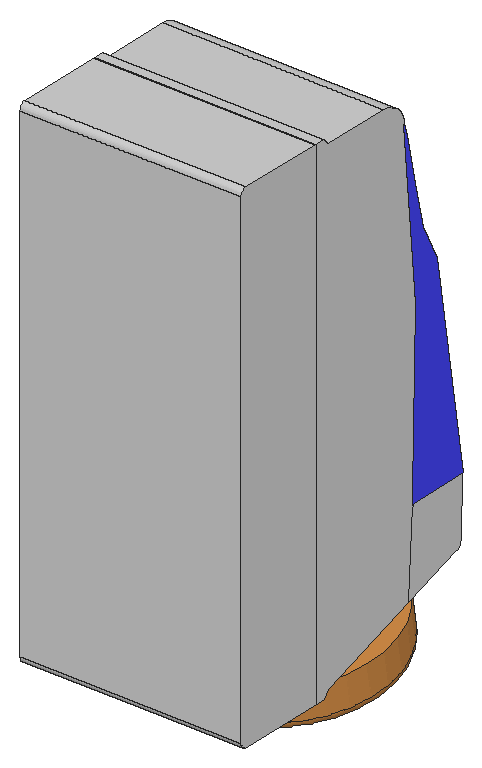
Revit family "Building-IEC309Connections-GEWISS-66IB-INTERLOCKED-SOCKET-OUTLETS-HD_IP66_WITH_BOTTOM_FUS", category Apparecchi elettrici, host Muro, Revit 2016
Family settings
  Host = Muro
  Mantenere orientamento annotazione = Sì
  Tipo di parte = Normale
  Quota connettore circolare = Usa diametro
  Numero OmniClass = 23.80.50.14
  Titolo OmniClass = Plug Connectors
  Sempre verticale = Sì
  Taglio con vuoti quando caricato = No
  Condiviso = No
  Punto di calcolo locali = No
Parameters (values of type "GW66973 - I.SOCKET IP66 W.B.3P+E 32A 380V 3H CBF")
  Working temperature = "-25 ÷ +40 °C"
  With back-mounting box = "Yes"
  Vista di pianta [instance] = yes
  Vetro = Vetro
  Version file RFA = "18.0"
  URL = "https://www.gewiss.com/ww/en"
  Typology = "Vertical"
  Type of use = "Heavy duty"
  Type of fuse = "Ø 10.3x38 mm"
  Tipo Simbolo = PRESAINDSTAGNA : 3P
  Thermo-pressure with ball = "80 °C"
  Technical sheet = "https://www.gewiss.com/ww/en/search?q=GW66973"
  Struttura alta = GEWISS - blue
  Struttura = GEWISS - Grigio RAL - 7035
  Simbolo [instance] = yes
  Shock resistance = "> IK10"
  SEO = "Socket outlet"
  Reference h = "3"
  Realized by GEWISS S.p.A. = ""
  Rated voltage = "380-440V"
  Rated frequency (Hz) = "50/60 Hz"
  Rated current (In) = "32"
  Rated current (A) = "32"
  Protection = "Fuse-holder base (CBF)"
  Produttore = "GEWISS S.p.A."
  Presa = GEWISS - rosso
  Potenza = 400 V
  Operating temperature: = "-25 +40 °C"
  Numero poli = 3
  Number of poles = "3P+E"
  No. of poles = "3P+E"
  Modello = "GW66973"
  Impact resistance at -20 Â°C = "20J"
  Immagine tipo = GW66854.jpg
  IP degree = "IP66"
  IFC.TypeObject = ""
  IFC.ExportType = ""
  IFC.ExportAs = ""
  IDT = "59f79668-9a62-484f-b845-13f84bd98f98"
  IDF = "521e3e45-4fc9-41b1-a2a9-ba7bf81b8660"
  Glow wire test: = "850 °C"
  Glow Wire Test = "850 °C"
  Frequency = "50/60 Hz"
  Electrocod = "2222"
  EAN code = "8011564074446"
  Distanza orizzontale del simbolo [instance] = 0 mm
  Distanza dal muro [instance] = 0 mm
  Descrizione = "I.SOCKET IP66 W.B.3P+E 32A 380V 3H CBF"
  Cornice simbolo [instance] = yes
  Colour: = "Red"
  Colour = "Red"
  Classificazione carico = Altro
  Catalogue Range = "66 IB"
  Catalogue = "BUILDING"
  Carico apparente = 0 VA
  COBie.Tagnumber = ""
  COBie.CreatedOn = ""
  COBie.CreatebBy = ""
  COBie.ComponentRegisterItemID = ""
  COBie.Component.TagNumber = ""
  COBie.Component.Space = ""
  COBie.Component.SerialNumber = ""
  COBie.Component.InstallationDate = ""
  COBie.Component.Description = ""
  COBie.Component.BarCode = ""
  Altezza da terra = 1127.575 mm
Types (34, lengths in mm): name | Type of fuse | Tipo Simbolo | Technical sheet | Reference h | Rated voltage | Rated current (In) | Rated current (A) | Presa | Potenza | Numero poli | Number of poles | No. of poles | Modello | Immagine tipo | IDT | EAN code | Descrizione | Colour: | Colour
  GW66951 - I.SOCKET IP66 W.B.2P+E 16A 110V 4H CBF | "Ø 10.3x38 mm" | PRESAINDSTAGNA : 2P | "https://www.gewiss.com/ww/en/search?q=GW66951" | "4" | "100-130V" | "16" | "16" | GEWISS - GIALLO | 110 V | 2 | "2P+E" | "2P+E" | "GW66951" | GW66847.jpg | "77a16d08-d05d-436b-a638-9a520e0a916f" | "8011564074125" | "I.SOCKET IP66 W.B.2P+E 16A 110V 4H CBF" | "Yellow" | "Yellow"
  GW66952 - I.SOCKET IP66 W.B.3P+E 16A 110V 4H CBF | "Ø 10.3x38 mm" | PRESAINDSTAGNA : 3P | "https://www.gewiss.com/ww/en/search?q=GW66952" | "4" | "100-130V" | "16" | "16" | GEWISS - GIALLO | 110 V | 3 | "3P+E" | "3P+E" | "GW66952" | GW66847.jpg | "0ba77439-ff9c-4f3f-9c02-b0f44112d6f4" | "8011564074132" | "I.SOCKET IP66 W.B.3P+E 16A 110V 4H CBF" | "Yellow" | "Yellow"
  GW66953 - I.SOCKET IP66 W.B.3P+N+E 16A 110V 4H CBF | "Ø 10.3x38 mm" | PRESAINDSTAGNA : 3P | "https://www.gewiss.com/ww/en/search?q=GW66953" | "4" | "100-130V" | "16" | "16" | GEWISS - GIALLO | 110 V | 3 | "3P+N+E" | "3P+N+E" | "GW66953" | GW66847.jpg | "4fdf56c5-f387-4149-95c8-33f3b1c23906" | "8011564074149" | "I.SOCKET IP66 W.B.3P+N+E 16A 110V 4H CBF" | "Yellow" | "Yellow"
  GW66954 - I.SOCKET IP66 W.B.2P+E 16A 230V 6H CBF | "Ø 10.3x38 mm" | PRESAINDSTAGNA : 2P | "https://www.gewiss.com/ww/en/search?q=GW66954" | "6" | "200-250V" | "16" | "16" | GEWISS -BLU | 230 V | 2 | "2P+E" | "2P+E" | "GW66954" | GW66850.jpg | "3e202847-07fc-45d7-bda5-fb93b8c9a3e8" | "8011564074156" | "I.SOCKET IP66 W.B.2P+E 16A 230V 6H CBF" | "Blue" | "Blue"
  GW66955 - I.SOCKET IP66 W.B.3P+E 16A 230V 9H CBF | "Ø 10.3x38 mm" | PRESAINDSTAGNA : 3P | "https://www.gewiss.com/ww/en/search?q=GW66955" | "9" | "200-250V" | "16" | "16" | GEWISS -BLU | 230 V | 3 | "3P+E" | "3P+E" | "GW66955" | GW66850.jpg | "fd46b90d-e5e3-4956-a696-3ebcf95b063b" | "8011564074163" | "I.SOCKET IP66 W.B.3P+E 16A 230V 9H CBF" | "Blue" | "Blue"
  GW66956 - I.SOCKET IP66 W.B.3P+N+E 16A 230V 9H CBF | "Ø 10.3x38 mm" | PRESAINDSTAGNA : 3P | "https://www.gewiss.com/ww/en/search?q=GW66956" | "9" | "200-250V" | "16" | "16" | GEWISS -BLU | 230 V | 3 | "3P+N+E" | "3P+N+E" | "GW66956" | GW66850.jpg | "ea60be22-a0f3-4bb7-af8e-793f577707a2" | "8011564074170" | "I.SOCKET IP66 W.B.3P+N+E 16A 230V 9H CBF" | "Blue" | "Blue"
  GW66957 - I.SOCKET IP66 W.B.2P+E 16A 400V 9H CBF | "Ø 10.3x38 mm" | PRESAINDSTAGNA : 2P | "https://www.gewiss.com/ww/en/search?q=GW66957" | "9" | "380-415V" | "16" | "16" | GEWISS - rosso | 400 V | 2 | "2P+E" | "2P+E" | "GW66957" | GW66854.jpg | "22719024-076b-47a7-8da9-556821273217" | "8011564074187" | "I.SOCKET IP66 W.B.2P+E 16A 400V 9H CBF" | "Red" | "Red"
  GW66958 - I.SOCKET IP66 W.B.3P+E 16A 400V 6H CBF | "Ø 10.3x38 mm" | PRESAINDSTAGNA : 3P | "https://www.gewiss.com/ww/en/search?q=GW66958" | "6" | "380-415V" | "16" | "16" | GEWISS - rosso | 400 V | 3 | "3P+E" | "3P+E" | "GW66958" | GW66854.jpg | "18091085-3874-47bf-858c-fe3d6af9821e" | "8011564074194" | "I.SOCKET IP66 W.B.3P+E 16A 400V 6H CBF" | "Red" | "Red"
  GW66959 - I.SOCKET IP66 W.B.3P+N+E 16A 400V 6H CBF | "Ø 10.3x38 mm" | PRESAINDSTAGNA : 3P | "https://www.gewiss.com/ww/en/search?q=GW66959" | "6" | "380-415V" | "16" | "16" | GEWISS - rosso | 400 V | 3 | "3P+N+E" | "3P+N+E" | "GW66959" | GW66854.jpg | "e1550aca-8da8-48d1-8781-ae7db2d35301" | "8011564074200" | "I.SOCKET IP66 W.B.3P+N+E 16A 400V 6H CBF" | "Red" | "Red"
  GW66960 - I.SOCKET IP66 W.B.3P+E 16A 500V 7H CBF | "Ø 10.3x38 mm" | PRESAINDSTAGNA : 3P | "https://www.gewiss.com/ww/en/search?q=GW66960" | "7" | "480-500V" | "16" | "16" | GEWISS - NERO | 500 V | 3 | "3P+E" | "3P+E" | "GW66960" | GW66856.jpg | "d7495dcc-acf0-492c-ba92-12a28033f899" | "8011564074217" | "I.SOCKET IP66 W.B.3P+E 16A 500V 7H CBF" | "Black" | "Black"
  GW66961 - I.SOCKET IP66 W.B.3P+N+E 16A 500V 7H CBF | "Ø 10.3x38 mm" | PRESAINDSTAGNA : 3P | "https://www.gewiss.com/ww/en/search?q=GW66961" | "7" | "480-500V" | "16" | "16" | GEWISS - NERO | 500 V | 3 | "3P+N+E" | "3P+N+E" | "GW66961" | GW66856.jpg | "59197029-f5e3-4807-b249-af1dcef282a9" | "8011564074224" | "I.SOCKET IP66 W.B.3P+N+E 16A 500V 7H CBF" | "Black" | "Black"
  GW66962 - I.SOCKET IP66 W.B.2P+E 32A 110V 4H CBF | "Ø 10.3x38 mm" | PRESAINDSTAGNA : 2P | "https://www.gewiss.com/ww/en/search?q=GW66962" | "4" | "100-130V" | "32" | "32" | GEWISS - GIALLO | 110 V | 2 | "2P+E" | "2P+E" | "GW66962" | GW66847.jpg | "0174e0f9-c837-4417-8108-0a5fd59bd433" | "8011564074231" | "I.SOCKET IP66 W.B.2P+E 32A 110V 4H CBF" | "Yellow" | "Yellow"
  GW66963 - I.SOCKET IP66 W.B.3P+E 32A 110V 4H CBF | "Ø 10.3x38 mm" | PRESAINDSTAGNA : 3P | "https://www.gewiss.com/ww/en/search?q=GW66963" | "4" | "100-130V" | "32" | "32" | GEWISS - GIALLO | 110 V | 3 | "3P+E" | "3P+E" | "GW66963" | GW66847.jpg | "dbafdcd0-0294-4897-926c-47405c64bfc0" | "8011564074248" | "I.SOCKET IP66 W.B.3P+E 32A 110V 4H CBF" | "Yellow" | "Yellow"
  GW66964 - I.SOCKET IP66 W.B.3P+N+E 32A 110V 4H CBF | "Ø 10.3x38 mm" | PRESAINDSTAGNA : 3P | "https://www.gewiss.com/ww/en/search?q=GW66964" | "4" | "100-130V" | "32" | "32" | GEWISS - GIALLO | 110 V | 3 | "3P+N+E" | "3P+N+E" | "GW66964" | GW66847.jpg | "a774811b-0e65-418e-a89e-a328dc662e21" | "8011564074262" | "I.SOCKET IP66 W.B.3P+N+E 32A 110V 4H CBF" | "Yellow" | "Yellow"
  GW66965 - I.SOCKET IP66 W.B.2P+E 32A 230V 6H CBF | "Ø 10.3x38 mm" | PRESAINDSTAGNA : 2P | "https://www.gewiss.com/ww/en/search?q=GW66965" | "6" | "200-250V" | "32" | "32" | GEWISS -BLU | 230 V | 2 | "2P+E" | "2P+E" | "GW66965" | GW66850.jpg | "915ca8b9-37c9-4227-86d2-249dba3c8e49" | "8011564074279" | "I.SOCKET IP66 W.B.2P+E 32A 230V 6H CBF" | "Blue" | "Blue"
  GW66966 - I.SOCKET IP66 W.B.3P+E 32A 230V 9H CBF | "Ø 10.3x38 mm" | PRESAINDSTAGNA : 3P | "https://www.gewiss.com/ww/en/search?q=GW66966" | "9" | "200-250V" | "32" | "32" | GEWISS -BLU | 230 V | 3 | "3P+E" | "3P+E" | "GW66966" | GW66850.jpg | "56c86cc2-3662-45e7-8e3e-32ba20f85f30" | "8011564074293" | "I.SOCKET IP66 W.B.3P+E 32A 230V 9H CBF" | "Blue" | "Blue"
  GW66967 - I.SOCKET IP66 W.B.3P+N+E 32A 230V 9H CBF | "Ø 10.3x38 mm" | PRESAINDSTAGNA : 3P | "https://www.gewiss.com/ww/en/search?q=GW66967" | "9" | "200-250V" | "32" | "32" | GEWISS -BLU | 230 V | 3 | "3P+N+E" | "3P+N+E" | "GW66967" | GW66850.jpg | "6eb632ad-a5c7-4f64-b716-eabf1988ad11" | "8011564074316" | "I.SOCKET IP66 W.B.3P+N+E 32A 230V 9H CBF" | "Blue" | "Blue"
  GW66968 - I.SOCKET IP66 W.B.2P+E 32A 400V 9H CBF | "Ø 10.3x38 mm" | PRESAINDSTAGNA : 2P | "https://www.gewiss.com/ww/en/search?q=GW66968" | "9" | "380-415V" | "32" | "32" | GEWISS - rosso | 400 V | 2 | "2P+E" | "2P+E" | "GW66968" | GW66854.jpg | "8b2cf3b7-3e00-4d91-b67b-ba699850a180" | "8011564074330" | "I.SOCKET IP66 W.B.2P+E 32A 400V 9H CBF" | "Red" | "Red"
  GW66969 - I.SOCKET IP66 W.B.3P+E 32A 400V 6H CBF | "Ø 10.3x38 mm" | PRESAINDSTAGNA : 3P | "https://www.gewiss.com/ww/en/search?q=GW66969" | "6" | "380-415V" | "32" | "32" | GEWISS - rosso | 400 V | 3 | "3P+E" | "3P+E" | "GW66969" | GW66854.jpg | "e5de6570-401b-41f6-895c-401fe7aee057" | "8011564074354" | "I.SOCKET IP66 W.B.3P+E 32A 400V 6H CBF" | "Red" | "Red"
  GW66970 - I.SOCKET IP66 W.B.3P+N+E 32A 400V 6H CBF | "Ø 10.3x38 mm" | PRESAINDSTAGNA : 3P | "https://www.gewiss.com/ww/en/search?q=GW66970" | "6" | "380-415V" | "32" | "32" | GEWISS - rosso | 400 V | 3 | "3P+N+E" | "3P+N+E" | "GW66970" | GW66854.jpg | "eea5df71-cefb-4ce5-984b-0a58a1a287ee" | "8011564074385" | "I.SOCKET IP66 W.B.3P+N+E 32A 400V 6H CBF" | "Red" | "Red"
  GW66971 - I.SOCKET IP66 W.B.3P+E 32A 500V 7H CBF | "Ø 10.3x38 mm" | PRESAINDSTAGNA : 3P | "https://www.gewiss.com/ww/en/search?q=GW66971" | "7" | "480-500V" | "32" | "32" | GEWISS - NERO | 500 V | 3 | "3P+E" | "3P+E" | "GW66971" | GW66856.jpg | "a9a200c6-cfaa-490e-999c-3634bcc81537" | "8011564074408" | "I.SOCKET IP66 W.B.3P+E 32A 500V 7H CBF" | "Black" | "Black"
  GW66972 - I.SOCKET IP66 W.B.3P+N+E 32A 500V 7H CBF | "Ø 10.3x38 mm" | PRESAINDSTAGNA : 3P | "https://www.gewiss.com/ww/en/search?q=GW66972" | "7" | "480-500V" | "32" | "32" | GEWISS - NERO | 500 V | 3 | "3P+N+E" | "3P+N+E" | "GW66972" | GW66856.jpg | "3cdd2804-0457-4869-a626-f720ae38ba8c" | "8011564074422" | "I.SOCKET IP66 W.B.3P+N+E 32A 500V 7H CBF" | "Black" | "Black"
  GW66973 - I.SOCKET IP66 W.B.3P+E 32A 380V 3H CBF | "Ø 10.3x38 mm" | PRESAINDSTAGNA : 3P | "https://www.gewiss.com/ww/en/search?q=GW66973" | "3" | "380-440V" | "32" | "32" | GEWISS - rosso | 400 V | 3 | "3P+E" | "3P+E" | "GW66973" | GW66854.jpg | "59f79668-9a62-484f-b845-13f84bd98f98" | "8011564074446" | "I.SOCKET IP66 W.B.3P+E 32A 380V 3H CBF" | "Red" | "Red"
  GW66847 - I.SOCKET IP66 W.B.2P+E 63A 110V 4H CBF | "Ø 22x58 mm" | PRESAINDSTAGNA : 2P | "https://www.gewiss.com/ww/en/search?q=GW66847" | "4" | "100-130V" | "63" | "63" | GEWISS - GIALLO | 110 V | 2 | "2P+E" | "2P+E" | "GW66847" | GW66847.jpg | "e68c307b-a0d0-4fee-9524-99ff79b81537" | "8011564067097" | "I.SOCKET IP66 W.B.2P+E 63A 110V 4H CBF" | "Yellow" | "Yellow"
  GW66848 - I.SOCKET IP66 W.B.3P+E 63A 110V 4H CBF | "Ø 22x58 mm" | PRESAINDSTAGNA : 3P | "https://www.gewiss.com/ww/en/search?q=GW66848" | "4" | "100-130V" | "63" | "63" | GEWISS - GIALLO | 110 V | 3 | "3P+E" | "3P+E" | "GW66848" | GW66847.jpg | "52559620-c344-4adb-bc40-4ea8332d2950" | "8011564067110" | "I.SOCKET IP66 W.B.3P+E 63A 110V 4H CBF" | "Yellow" | "Yellow"
  GW66849 - I.SOCKET IP66 W.B.3P+N+E 63A 110V 4H CBF | "Ø 22x58 mm" | PRESAINDSTAGNA : 3P | "https://www.gewiss.com/ww/en/search?q=GW66849" | "4" | "100-130V" | "63" | "63" | GEWISS - GIALLO | 110 V | 3 | "3P+N+E" | "3P+N+E" | "GW66849" | GW66847.jpg | "eb040864-0d8b-41da-91e0-50107eb10800" | "8011564067226" | "I.SOCKET IP66 W.B.3P+N+E 63A 110V 4H CBF" | "Yellow" | "Yellow"
  GW66850 - I.SOCKET IP66 W.B.2P+E 63A 230V 6H CBF | "Ø 22x58 mm" | PRESAINDSTAGNA : 2P | "https://www.gewiss.com/ww/en/search?q=GW66850" | "6" | "200-250V" | "63" | "63" | GEWISS -BLU | 230 V | 2 | "2P+E" | "2P+E" | "GW66850" | GW66850.jpg | "eefe36f2-bc81-4d8a-8236-9f3d222724ef" | "8011564067233" | "I.SOCKET IP66 W.B.2P+E 63A 230V 6H CBF" | "Blue" | "Blue"
  GW66851 - I.SOCKET IP66 W.B.3P+E 63A 230V 9H CBF | "Ø 22x58 mm" | PRESAINDSTAGNA : 3P | "https://www.gewiss.com/ww/en/search?q=GW66851" | "9" | "200-250V" | "63" | "63" | GEWISS -BLU | 230 V | 3 | "3P+E" | "3P+E" | "GW66851" | GW66850.jpg | "fa7b3253-5295-40f6-8163-20254eb27370" | "8011564067240" | "I.SOCKET IP66 W.B.3P+E 63A 230V 9H CBF" | "Blue" | "Blue"
  GW66852 - I.SOCKET IP66 W.B.3P+N+E 63A 230V 9H CBF | "Ø 22x58 mm" | PRESAINDSTAGNA : 3P | "https://www.gewiss.com/ww/en/search?q=GW66852" | "9" | "200-250V" | "63" | "63" | GEWISS -BLU | 230 V | 3 | "3P+N+E" | "3P+N+E" | "GW66852" | GW66850.jpg | "d48338a4-e2f1-4cb6-929f-40b65af53ed8" | "8011564067257" | "I.SOCKET IP66 W.B.3P+N+E 63A 230V 9H CBF" | "Blue" | "Blue"
  GW66853 - I.SOCKET IP66 W.B.2P+E 63A 400V 9H CBF | "Ø 22x58 mm" | PRESAINDSTAGNA : 2P | "https://www.gewiss.com/ww/en/search?q=GW66853" | "9" | "380-415V" | "63" | "63" | GEWISS - rosso | 400 V | 2 | "2P+E" | "2P+E" | "GW66853" | GW66854.jpg | "59d537fa-1783-4b3f-a4ad-54901816a19a" | "8011564067264" | "I.SOCKET IP66 W.B.2P+E 63A 400V 9H CBF" | "Red" | "Red"
  GW66854 - I.SOCKET IP66 W.B.3P+E 63A 400V 6H CBF | "Ø 22x58 mm" | PRESAINDSTAGNA : 3P | "https://www.gewiss.com/ww/en/search?q=GW66854" | "6" | "380-415V" | "63" | "63" | GEWISS - rosso | 400 V | 3 | "3P+E" | "3P+E" | "GW66854" | GW66854.jpg | "a8afba74-b3c3-4dcd-a520-62ec0bdd5349" | "8011564067271" | "I.SOCKET IP66 W.B.3P+E 63A 400V 6H CBF" | "Red" | "Red"
  GW66855 - I.SOCKET IP66 W.B.3P+N+E 63A 400V 6H CBF | "Ø 22x58 mm" | PRESAINDSTAGNA : 3P | "https://www.gewiss.com/ww/en/search?q=GW66855" | "6" | "380-415V" | "63" | "63" | GEWISS - rosso | 400 V | 3 | "3P+N+E" | "3P+N+E" | "GW66855" | GW66854.jpg | "23338731-f61e-4df9-8361-4e10255c2abc" | "8011564067288" | "I.SOCKET IP66 W.B.3P+N+E 63A 400V 6H CBF" | "Red" | "Red"
  GW66856 - I.SOCKET IP66 W.B.3P+E 63A 500V 7H CBF | "Ø 22x58 mm" | PRESAINDSTAGNA : 3P | "https://www.gewiss.com/ww/en/search?q=GW66856" | "7" | "480-500V" | "63" | "63" | GEWISS - NERO | 500 V | 3 | "3P+E" | "3P+E" | "GW66856" | GW66856.jpg | "45f49ca2-6e14-4f7a-bc93-10a4721ab685" | "8011564067295" | "I.SOCKET IP66 W.B.3P+E 63A 500V 7H CBF" | "Black" | "Black"
  GW66857 - I.SOCKET IP66 W.B.3P+N+E 63A 500V 7H CBF | "Ø 22x58 mm" | PRESAINDSTAGNA : 3P | "https://www.gewiss.com/ww/en/search?q=GW66857" | "7" | "480-500V" | "63" | "63" | GEWISS - NERO | 500 V | 3 | "3P+N+E" | "3P+N+E" | "GW66857" | GW66856.jpg | "86f2eb9d-9b02-49d2-b492-8f5a2808bb30" | "8011564067387" | "I.SOCKET IP66 W.B.3P+N+E 63A 500V 7H CBF" | "Black" | "Black"
Reference planes
  plane 1 "Muro": y = 0
  plane 2 "Centro (Sinistra/Destra)": x = 125
  plane 3 "Indietro": y = 75
  plane 4: z = 1127.575
  plane 5: x = 125
Lines and regions (mm)
  Masking region 1, visible <- "Vista di pianta"
    outline origin (0, 0, 0) x (1, 0, 0) y (0, 1, 0)
      loop
        line (196.5, 254) -> (53.5, 254) -> (53.5, 75) -> (196.5, 75) -> (196.5, 254)
  Masking region 2
    outline origin (125, 0, -0.039) x (0, 1, 0) y (0, 0, 1)
      loop
        line (241.289, 1135.561) -> (236.789, 1162.892) -> (161.968, 1137.742) -> (164.412, 1122.902) -> (241.289, 1135.561)
  Masking region 3
    outline origin (125, 0, -0.039) x (0, 1, 0) y (0, 0, 1)
      loop
        line (262.535, 1139.06) -> (133.431, 1117.8) -> (136.68, 1098.066)
        arc (136.68, 1098.066) -> (139.176, 1094.099) -> (143.757, 1093.111) r 6.041
        line (143.757, 1093.111) -> (260.94, 1112.407)
        arc (260.94, 1112.407) -> (264.772, 1114.879) -> (265.784, 1119.325) r 6.041
        line (265.784, 1119.325) -> (262.535, 1139.06)
  Masking region 4
    outline origin (125, 0, -0.039) x (0, 1, 0) y (0, 0, 1)
      loop
        line (135, 1452.614) -> (78.972, 1452.614)
        arc (78.972, 1452.614) -> (76.163, 1451.451) -> (75, 1448.642) r 3.972
        line (75, 1448.642) -> (75, 1131.586)
        arc (75, 1131.586) -> (76.163, 1128.778) -> (78.972, 1127.614) r 3.972
        line (78.972, 1127.614) -> (141.601, 1127.614) -> (144.578, 1131.897) -> (248.816, 1166.935)
        arc (248.816, 1166.935) -> (251.676, 1169.114) -> (252.761, 1172.543) r 5.958
        arc (252.761, 1172.543) -> (253.2, 1191.236) -> (253.163, 1209.935) r 734.65
        line (253.163, 1209.935) -> (254, 1209.951)
        arc (254, 1209.951) -> (242.911, 1296.509) -> (223.277, 1381.537) r 877.164
        line (223.277, 1381.537) -> (206.64, 1434.09)
        arc (206.64, 1434.09) -> (201.442, 1444.475) -> (190.611, 1448.663) r 16.102
        line (190.611, 1448.663) -> (144.931, 1448.663) -> (142.183, 1452.614) -> (135, 1452.614)
Text (mm)
  text "Lato posizionamento" at (-1848.837, 1116.779, 0), in view "Livello rif."
  text "Lato posizionamento" at (0, 1409.804, 2854.306), in view "Sinistra"
  text "Lato posizionamento" at (0, 499.811, 2980.732), in view "Destra"
Dimensions and locks
  locked: plane 3 "Indietro" to host wall
  "Altezza da terra": plane 4 to level
  "Distanza orizzontale del simbolo": plane 5 to plane 2 "Centro (Sinistra/Destra)"
  aligned and locked: plane 1 "Muro" to host wall
  aligned and locked: plane 5 to nested 2
  aligned and locked: nested 1 to plane 3 "Indietro"
  aligned and locked: nested 3 to nested 1
  aligned and locked: Masking region 2 sketch curve to nested 1
  aligned and locked: Masking region 4 sketch curve to host wall
  aligned and locked: Masking region 4 sketch curve to Masking region 2
Automatic sketch dimensions
  Masking region 1 sketch curve to host wall = 0 mm
  Masking region 1 sketch curve to plane 2 "Centro (Sinistra/Destra)" = 71.5 mm
  plane 2 "Centro (Sinistra/Destra)" to Masking region 1 sketch curve = 71.5 mm
  host wall to Masking region 1 sketch curve = 179 mm
  plane 4 to Masking region 2 sketch curve = 10.128 mm
  Masking region 2 sketch curve to plane 4 = 4.712 mm
  Masking region 2 sketch curve to Masking region 2 sketch curve = 2.444 mm
  plane 4 to Masking region 2 sketch curve = 35.278 mm
  plane 4 to Masking region 2 sketch curve = 7.947 mm
  Masking region 2 sketch curve to Masking region 2 sketch curve = 4.5 mm
  Masking region 3 sketch curve to plane 4 = 9.814 mm
  host wall to Masking region 3 sketch curve = 58.431 mm
  Masking region 3 sketch curve to plane 4 = 29.548 mm
  Masking region 3 sketch curve to Masking region 3 sketch curve = 3.25 mm
  Masking region 3 sketch curve to Masking region 3 sketch curve = 5.961 mm
  Masking region 3 sketch curve to Masking region 3 sketch curve = 1.116 mm  (x2)
  Masking region 3 sketch curve to plane 4 = 9.27 mm
  Masking region 3 sketch curve to Masking region 3 sketch curve = 117.183 mm
  Masking region 3 sketch curve to plane 4 = 15.207 mm
  Masking region 3 sketch curve to plane 4 = 8.289 mm
  Masking region 3 sketch curve to Masking region 3 sketch curve = 4.955 mm
  Masking region 4 sketch curve to Masking region 4 sketch curve = 3.972 mm
  host wall to Masking region 4 sketch curve = 3.972 mm
  Masking region 4 sketch curve to Masking region 4 sketch curve = 56.028 mm
  Masking region 4 sketch curve to Masking region 4 sketch curve = 7.183 mm
  Masking region 4 sketch curve to Masking region 4 sketch curve = 2.747 mm
  Masking region 4 sketch curve to Masking region 4 sketch curve = 45.68 mm
  Masking region 4 sketch curve to Masking region 4 sketch curve = 16.029 mm
  Masking region 4 sketch curve to Masking region 4 sketch curve = 16.637 mm
  Masking region 4 sketch curve to Masking region 4 sketch curve = 52.554 mm
  plane 4 to Masking region 4 sketch curve = 14.294 mm
  plane 4 to Masking region 4 sketch curve = 44.928 mm
  Masking region 4 sketch curve to Masking region 4 sketch curve = 105.202 mm
  plane 4 to Masking region 4 sketch curve = 39.32 mm
  Masking region 4 sketch curve to Masking region 4 sketch curve = 2.013 mm
  Masking region 4 sketch curve to Masking region 4 sketch curve = 1.239 mm
  Masking region 4 sketch curve to Masking region 4 sketch curve = 37.408 mm
  Masking region 4 sketch curve to plane 4 = 0 mm
  plane 4 to Masking region 4 sketch curve = 4.282 mm
  Masking region 4 sketch curve to Masking region 4 sketch curve = 0.837 mm
  Masking region 4 sketch curve to Masking region 4 sketch curve = 0.016 mm
  plane 4 to Masking region 4 sketch curve = 71.527 mm
  Masking region 4 sketch curve to Masking region 4 sketch curve = 139.114 mm
  Masking region 4 sketch curve to Masking region 4 sketch curve = 1.529 mm
  Masking region 4 sketch curve to Masking region 4 sketch curve = 0.021 mm
Nested families
  nested 1: "IB PRESE INTERBLOC IMP_FONDO_BASE" at (125, 135, 1087.536), type "IB PRESE INTERBLOC IMP_FONDO_BASE"
  nested 2: "PRESAINDSTAGNA" at (125, 75.004, 0), Distanza dal muro <- "Distanza dal muro", BORDO ACCESO <- "Cornice simbolo", SIMBOLO ACCESO <- "Simbolo", type <- "Tipo Simbolo", type "3P"
    with SIMBOLO ACCESO yes, Distanza dal muro 0 mm, BORDO ACCESO yes
  nested 3: "2D - IB PRESE INTERBLOC + DIN" at (125, 0, 1285.421) x (1, 0, 0) z (0, -1, 0), type "BIDIMENSIONALE"
Connectors
  electrical at (125, 107.294, 1127.575), driven by "Numero poli", driven by "Classificazione carico", driven by "Potenza", driven by "Carico apparente"
    settings: on nested 1, index 1, voltage 400 V, apparent load 0 VA, apparent load phase1 0 VA, apparent load phase2 0 VA, apparent load phase3 0 VA, power factor 1, load classification "Altro", number of poles 3, system type 31, power factor state 1, is connector primary yes, connector utility no, sub classification motor no, connector description ""
Definition of nested family "IB PRESE INTERBLOC IMP_FONDO_BASE"
  Parameters (values of type "IB PRESE INTERBLOC IMP_FONDO_BASE")
    Vetrino = none
    Struttura alta = none
    Struttura = none
    Spessore = 160 mm
    Default Elevation = 14 mm
    Presa = none
    Pomello = none
    Lunghezza = 143 mm
    IFC.TypeObject = ""
    IFC.ExportType = ""
    IFC.ExportAs = ""
    H_da terra = 586.883 mm
    COBie.CreatedOn = ""
    COBie.CreatebBy = ""
    COBie.ComponentRegisterItemID = ""
    COBie.Component.TagNumber = ""
    COBie.Component.Space = ""
    COBie.Component.SerialNumber = ""
    COBie.Component.InstallationDate = ""
    COBie.Component.Description = ""
    COBie.Component.BarCode = ""
    Altezza = 424 mm
  Reference planes
    plane 1 "Centro (Fronte/Retro)": y = 0
    plane 2: z = 0
    plane 3 "Centro (Sinistra/Destra)": x = 0
    plane 4: x = -71.5
    plane 5: x = 71.5
    plane 6: x = 53.664
    plane 7: x = -53.5
    plane 8: z = 40.039
    plane 9: y = -60
    plane 10: y = 138.9
    plane 11: z = 361.087
    plane 12: through (4267.2, 77.379, 327.157) normal (0, 0.9626, 0.271)
  Forms (mm)
    Extrusion 1, solid, material <- "Struttura alta"
      sketch origin (0, 0, 0) x (0, 1, 0) y (0, 0, 1)
        loop
          line (78.973, 121.623) -> (119, 122.375)
          arc (119, 122.375) -> (111.124, 189.769) -> (98.062, 256.353) r 877.164
          arc (98.062, 256.353) -> (87.281, 279.295) -> (81.504, 303.977) r 121.298
          line (81.504, 303.977) -> (74.399, 337.778) -> (71.64, 346.515)
          arc (71.64, 346.515) -> (71.695, 345.751) -> (71.713, 344.985) r 16.102
          arc (71.713, 344.985) -> (81.541, 236.86) -> (79.248, 128.313) r 971.977
          arc (79.248, 128.313) -> (79.113, 124.968) -> (78.973, 121.623) r 2289.877
      from -71.5 to 71.5
    Extrusion 2, void
      sketch origin (0, 0, 0) x (0, 1, 0) y (0, 0, 1)
        loop
          line (125.283, 233.172) -> (91.011, 233.172)
          arc (91.011, 233.172) -> (86.745, 231.373) -> (85.055, 227.063) r 5.958
          arc (85.055, 227.063) -> (85.954, 188.702) -> (85.298, 150.336) r 946.965
          arc (85.298, 150.336) -> (88.127, 142.928) -> (95.424, 139.825) r 10.133
          line (95.424, 139.825) -> (139.534, 139.825)
          arc (139.534, 139.825) -> (133.702, 186.696) -> (125.283, 233.172) r 852.241
      from -53.5 to 53.664
    Extrusion 3, solid, material <- "Vetrino"
      sketch origin (0, 0, 0) x (0, 1, 0) y (0, 0, 1)
        loop
          line (102.745, 233.172) -> (91.011, 233.172)
          arc (91.011, 233.172) -> (86.745, 231.373) -> (85.055, 227.063) r 5.958
          arc (85.055, 227.063) -> (85.954, 188.702) -> (85.298, 150.336) r 946.965
          arc (85.298, 150.336) -> (88.127, 142.928) -> (95.424, 139.825) r 10.133
          line (95.424, 139.825) -> (117.422, 139.825)
          arc (117.422, 139.825) -> (111.378, 186.702) -> (102.745, 233.172) r 852.241
      from -53.5 to 53.664
    Extrusion 4, solid, material <- "Struttura"
      sketch origin (0, 0, 0) x (0, 1, 0) y (0, 0, 1)
        loop
          line (75.931, 66.624) -> (113.815, 79.359)
          arc (113.815, 79.359) -> (116.676, 81.538) -> (117.761, 84.967) r 5.958
          arc (117.761, 84.967) -> (118.2, 103.66) -> (118.163, 122.359) r 734.65
          line (118.163, 122.359) -> (78.973, 121.623)
          arc (78.973, 121.623) -> (77.619, 94.115) -> (75.931, 66.624) r 2264.9
      from -71.5 to 71.5
    Extrusion 5, solid, material <- "Struttura"
      sketch origin (0, 0, 0) x (0, 1, 0) y (0, 0, 1)
        loop
          line (107.036, 48.025) -> (102.35, 76.485) -> (27.659, 50.544) -> (30.159, 35.366) -> (107.036, 48.025)
      from -30.773 to 27.325
    Revolve 6, solid, material <- "Presa"
      sketch origin (0, 0, 0) x (0, 1, 0) y (0, 0, 1)
        loop
          line (8.526, 5.322) -> (67.975, 15.111) -> (63.73, 40.894) -> (-0.822, 30.264) -> (2.584, 9.577)
          arc (2.584, 9.577) -> (4.673, 6.218) -> (8.526, 5.322) r 5.164
        axis (63.73, 40.894) -> (67.975, 15.111)
      angle from 0 to 360
    Extrusion 7, void
      sketch origin (0, 0, 0) x (1, 0, 0) y (0, 0, 1)
        loop
          spline (43.694, 295.849) -> (42.205, 306.734) -> (37.84, 316.878) -> (30.897, 325.589) -> (21.847, 332.273) -> (11.309, 336.475) -> (0, 337.908) -> (-11.309, 336.475) -> (-21.847, 332.273) -> (-30.897, 325.589) -> (-37.84, 316.878) -> (-42.205, 306.734) -> (-43.694, 295.849)
          spline (-43.694, 295.849) -> (-42.205, 284.963) -> (-37.84, 274.819) -> (-30.897, 266.108) -> (-21.847, 259.424) -> (-11.309, 255.222) -> (0, 253.789) -> (11.309, 255.222) -> (21.847, 259.424) -> (30.897, 266.108) -> (37.84, 274.819) -> (42.205, 284.963) -> (43.694, 295.849)
      from -122.068 to -79.498
    Extrusion 8, solid, material <- "Pomello"
      sketch origin (0, 82.975, -13.824) x (1, 0, 0) y (0, -0.270999, 0.96258)
        loop
          line (-7.448, 327.416) -> (-7.448, 266.486)
          arc (-7.448, 266.486) -> (-7.072, 265.323) -> (-6.085, 264.6) r 1.986
          arc (-6.085, 264.6) -> (0.003, 263.614) -> (6.09, 264.602) r 19.259
          arc (6.09, 264.602) -> (7.073, 265.325) -> (7.448, 266.486) r 1.986
          line (7.448, 266.486) -> (7.448, 327.416)
          arc (7.448, 327.416) -> (7.073, 328.578) -> (6.09, 329.301) r 1.986
          arc (6.09, 329.301) -> (0, 330.289) -> (-6.09, 329.301) r 19.259
          arc (-6.09, 329.301) -> (-7.073, 328.578) -> (-7.448, 327.416) r 1.986
      from -92.372 to -88.3
    Extrusion 9, solid, material <- "Struttura"
      sketch origin (0, 0, 0) x (0, 1, 0) y (0, 0, 1)
        loop
          line (0, 365.039) -> (-56.028, 365.039)
          arc (-56.028, 365.039) -> (-58.837, 363.875) -> (-60, 361.066) r 3.972
          line (-60, 361.066) -> (-60, 44.011)
          arc (-60, 44.011) -> (-58.837, 41.202) -> (-56.028, 40.039) r 3.972
          line (-56.028, 40.039) -> (0, 40.039) -> (0, 365.039)
      from -71.5 to 71.5
    Extrusion 10, solid, material <- "Struttura"
      sketch origin (0, 0, 0) x (0, 1, 0) y (0, 0, 1)
        loop
          arc (75.931, 66.624) -> (77.679, 96.204) -> (79.051, 125.804) r 2335.614
          arc (79.051, 125.804) -> (81.584, 235.602) -> (71.713, 344.985) r 971.977
          arc (71.713, 344.985) -> (66.997, 356.371) -> (55.611, 361.087) r 16.102
          line (55.611, 361.087) -> (9.931, 361.087) -> (7.183, 365.039) -> (0, 365.039) -> (0, 40.039) -> (7.183, 40.039) -> (10.338, 44.576) -> (75.931, 66.624)
      from -71.5 to 71.5
    Blend 11, solid, material <- "Struttura alta"
      base sketch origin (0, 84.176, -13.214) x (1, 0, 0) y (0, -0.270999, 0.96258)
        loop
          circle (0, 296.951) r 43.694
      top sketch origin (0, 84.176, -13.214) x (1, 0, 0) y (0, -0.270999, 0.96258)
        loop
          circle (0, 296.951) r 34.757
      from -85.697 to -91.051
    Extrusion 12, solid, material <- "Struttura alta"
      sketch origin (0, 83.193, -13.491) x (1, 0, 0) y (0, -0.270999, 0.96258)
        loop
          circle (0, 296.951) r 43.694
      from -86.719 to -75.709
    Extrusion 13, void
      sketch origin (0, 85.341, -13.728) x (1, 0, 0) y (0, -0.275465, 0.961311)
        loop
          circle (0, 296.951) r 34
      from -96.493 to -85.34
    Extrusion 14, solid, material <- "Pomello"
      sketch origin (0, 83.193, -13.491) x (1, 0, 0) y (0, -0.270999, 0.96258)
        loop
          circle (0, 296.951) r 40
      from -88 to -75.709
  Cuts and joins
    Extrusion 2, Extrusion 7 cuts Extrusion 1
    Extrusion 13 cuts Blend 11
    joined: Blend 11, Extrusion 12
    Extrusion 13 cuts Extrusion 9
    Extrusion 13 cuts Extrusion 10
  Dimensions and locks
    equal spacing: plane 5, plane 3 "Centro (Sinistra/Destra)", plane 4
    "Lunghezza": plane 5 to plane 4
    locked: plane 5 to plane 6 at 17.836
    locked: plane 7 to plane 4 at 18
    plane 9 to plane 1 "Centro (Fronte/Retro)" = 60 mm
    plane 1 "Centro (Fronte/Retro)" to plane 10 = 138.9 mm
    aligned and locked: level to plane 2
    aligned and locked: Extrusion 1 to plane 4
    aligned and locked: plane 5 to Extrusion 1
    aligned and locked: Extrusion 3 to plane 7
    aligned and locked: plane 6 to Extrusion 3
    aligned and locked: Extrusion 4 to plane 4
    aligned and locked: plane 5 to Extrusion 4
    aligned and locked: Extrusion 9 sketch curve to plane 9
    aligned and locked: Extrusion 9 sketch curve to plane 1 "Centro (Fronte/Retro)"
    aligned and locked: Extrusion 9 to plane 4
    aligned and locked: plane 5 to Extrusion 9
    aligned and locked: Extrusion 10 to plane 4
    aligned and locked: plane 5 to Extrusion 10
    aligned and locked: plane 12 to Blend 11
    aligned and locked: Extrusion 12 to Blend 11
    aligned and locked: cut or joined group of Blend 11, Extrusion 12, Extrusion 13 to Extrusion 8
    aligned and locked: Extrusion 8 to Extrusion 14
    aligned and locked: cut or joined group of Extrusion 10, Extrusion 13 to Extrusion 9
    aligned and locked: plane 8 to Extrusion 9
  Automatic sketch dimensions
    level to Extrusion 5 sketch curve = 35.366 mm
    Extrusion 5 sketch curve to plane 1 "Centro (Fronte/Retro)" = 27.659 mm
    Extrusion 5 sketch curve to Extrusion 5 sketch curve = 2.499 mm
    Extrusion 5 sketch curve to Extrusion 5 sketch curve = 74.69 mm
    Extrusion 5 sketch curve to Extrusion 5 sketch curve = 4.686 mm
    level to Extrusion 5 sketch curve = 48.025 mm
    Extrusion 5 sketch curve to Extrusion 5 sketch curve = 15.179 mm
    Extrusion 5 sketch curve to Extrusion 5 sketch curve = 28.46 mm
    plane 1 "Centro (Fronte/Retro)" to Revolve 6 sketch curve = 0.822 mm
    Revolve 6 sketch curve to plane 1 "Centro (Fronte/Retro)" = 2.584 mm
    Revolve 6 sketch curve to Revolve 6 sketch curve = 5.095 mm
    level to Revolve 6 sketch curve = 5.322 mm
    Revolve 6 sketch curve to Revolve 6 sketch curve = 0.846 mm
    Revolve 6 sketch curve to plane 1 "Centro (Fronte/Retro)" = 63.73 mm
    level to Revolve 6 sketch curve = 15.111 mm
    Revolve 6 sketch curve to Revolve 6 sketch curve = 4.246 mm
    Revolve 6 sketch curve to Revolve 6 sketch curve = 4.255 mm
    Revolve 6 sketch curve to Revolve 6 sketch curve = 20.687 mm
    Revolve 6 sketch curve to Revolve 6 sketch curve = 0 mm  (x2)
    level to Revolve 6 sketch curve = 12.564 mm
    Revolve 6 sketch curve to Revolve 6 sketch curve = 0.42 mm
    Extrusion 9 sketch curve to Extrusion 9 sketch curve = 3.972 mm
    plane 9 to Extrusion 9 sketch curve = 3.972 mm
    Extrusion 9 sketch curve to plane 8 = 0 mm
    Extrusion 9 sketch curve to Extrusion 9 sketch curve = 317.056 mm
    Extrusion 10 sketch curve to plane 1 "Centro (Fronte/Retro)" = 0 mm
    plane 8 to Extrusion 10 sketch curve = 0 mm
    Extrusion 10 sketch curve to plane 1 "Centro (Fronte/Retro)" = 7.183 mm  (x2)
    Extrusion 10 sketch curve to Extrusion 10 sketch curve = 2.747 mm
    Extrusion 10 sketch curve to plane 8 = 4.538 mm
    Extrusion 10 sketch curve to Extrusion 10 sketch curve = 3.155 mm
    Extrusion 10 sketch curve to plane 8 = 26.586 mm
    Extrusion 10 sketch curve to Extrusion 10 sketch curve = 3.951 mm
    Extrusion 10 sketch curve to Extrusion 10 sketch curve = 45.68 mm
    Extrusion 10 sketch curve to Extrusion 10 sketch curve = 0 mm
    Extrusion 10 sketch curve to Extrusion 10 sketch curve = 16.102 mm
    Extrusion 10 sketch curve to plane 8 = 163.038 mm
    Extrusion 10 sketch curve to plane 8 = 179.157 mm
    Extrusion 10 sketch curve to plane 9 = 829.849 mm
    Extrusion 10 sketch curve to Extrusion 10 sketch curve = 65.593 mm
    Extrusion 10 sketch curve to Extrusion 10 sketch curve = 278.361 mm
    Extrusion 10 sketch curve to Extrusion 10 sketch curve = 3.121 mm
    Extrusion 4 sketch curve to plane 8 = 26.586 mm
    Extrusion 4 sketch curve to Extrusion 4 sketch curve = 3.042 mm
    Extrusion 4 sketch curve to Extrusion 4 sketch curve = 2.012 mm
    Extrusion 4 sketch curve to Extrusion 4 sketch curve = 5.608 mm
    Extrusion 4 sketch curve to plane 8 = 71.527 mm
    Extrusion 4 sketch curve to Extrusion 4 sketch curve = 0.402 mm
    Extrusion 4 sketch curve to Extrusion 4 sketch curve = 12.734 mm
    Extrusion 4 sketch curve to plane 8 = 179.157 mm
    Extrusion 3 sketch curve to plane 8 = 145.66 mm
    plane 10 to Extrusion 3 sketch curve = 43.476 mm
    Extrusion 3 sketch curve to Extrusion 3 sketch curve = 10.133 mm
    Extrusion 3 sketch curve to Extrusion 3 sketch curve = 5.958 mm
    Extrusion 3 sketch curve to Extrusion 3 sketch curve = 10.126 mm
    Extrusion 3 sketch curve to Extrusion 3 sketch curve = 11.734 mm
    plane 10 to Extrusion 3 sketch curve = 21.479 mm
    Extrusion 3 sketch curve to plane 8 = 14.294 mm
    Extrusion 3 sketch curve to Extrusion 3 sketch curve = 130.486 mm
    Extrusion 3 sketch curve to Extrusion 3 sketch curve = 5.713 mm
    level to Extrusion 3 sketch curve = 139.825 mm
    Extrusion 3 sketch curve to Extrusion 3 sketch curve = 76.877 mm
    Extrusion 2 sketch curve to plane 8 = 145.66 mm
    plane 10 to Extrusion 2 sketch curve = 47.889 mm
    plane 10 to Extrusion 2 sketch curve = 43.476 mm
    Extrusion 2 sketch curve to plane 8 = 109.919 mm
    Extrusion 2 sketch curve to Extrusion 2 sketch curve = 10.133 mm
    Extrusion 2 sketch curve to Extrusion 2 sketch curve = 77.255 mm
    Extrusion 2 sketch curve to Extrusion 2 sketch curve = 5.958 mm
    Extrusion 2 sketch curve to Extrusion 2 sketch curve = 10.126 mm
    Extrusion 2 sketch curve to Extrusion 2 sketch curve = 34.272 mm
    Extrusion 2 sketch curve to plane 10 = 0.634 mm
    Extrusion 2 sketch curve to plane 8 = 18.04 mm
    Extrusion 2 sketch curve to Extrusion 2 sketch curve = 152.229 mm
    Extrusion 1 sketch curve to plane 8 = 14.294 mm
    Extrusion 1 sketch curve to plane 9 = 695.521 mm
    plane 10 to Extrusion 1 sketch curve = 19.9 mm
    Extrusion 1 sketch curve to plane 1 "Centro (Fronte/Retro)" = 78.973 mm
    plane 10 to Extrusion 1 sketch curve = 40.838 mm
    Extrusion 1 sketch curve to Extrusion 1 sketch curve = 0.752 mm
    Extrusion 1 sketch curve to Extrusion 1 sketch curve = 134.328 mm
    Extrusion 1 sketch curve to plane 11 = 141.892 mm
    Extrusion 1 sketch curve to Extrusion 1 sketch curve = 1318.975 mm
    Extrusion 1 sketch curve to plane 11 = 158.01 mm
    Extrusion 1 sketch curve to plane 11 = 16.102 mm
    plane 10 to Extrusion 1 sketch curve = 67.187 mm
    Extrusion 1 sketch curve to plane 8 = 81.585 mm
    Extrusion 1 sketch curve to Extrusion 1 sketch curve = 0.073 mm
    Extrusion 1 sketch curve to plane 11 = 14.572 mm
    Extrusion 1 sketch curve to Extrusion 1 sketch curve = 16.029 mm
    plane 1 "Centro (Fronte/Retro)" to Extrusion 4 sketch curve = 616.407 mm
    Extrusion 4 sketch curve to plane 1 "Centro (Fronte/Retro)" = 75.931 mm
    plane 10 to Extrusion 4 sketch curve = 27.098 mm
    Extrusion 4 sketch curve to Extrusion 4 sketch curve = 1567.417 mm
    Extrusion 1 sketch curve to plane 11 = 41.957 mm
    Extrusion 1 sketch curve to plane 10 = 62.951 mm
    Extrusion 1 sketch curve to plane 11 = 23.262 mm
    Extrusion 1 sketch curve to Extrusion 1 sketch curve = 2.678 mm
    Extrusion 1 sketch curve to plane 11 = 23.309 mm
    Extrusion 1 sketch curve to Extrusion 1 sketch curve = 0.008 mm
    Extrusion 1 sketch curve to plane 11 = 57.11 mm
    Blend 11 sketch curve to plane 3 "Centro (Sinistra/Destra)" = 0 mm  (x2)
    Extrusion 7 sketch curve to plane 3 "Centro (Sinistra/Destra)" = 0 mm
    plane 7 to Extrusion 7 sketch curve = 9.806 mm
    Extrusion 7 sketch curve to plane 11 = 65.239 mm
    Extrusion 12 sketch curve to plane 3 "Centro (Sinistra/Destra)" = 0 mm
    Extrusion 13 sketch curve to plane 3 "Centro (Sinistra/Destra)" = 0 mm
    Extrusion 14 sketch curve to plane 3 "Centro (Sinistra/Destra)" = 0 mm
    Extrusion 8 sketch curve to plane 3 "Centro (Sinistra/Destra)" = 7.448 mm
    Extrusion 8 sketch curve to Extrusion 8 sketch curve = 1.986 mm  (x3)
    Extrusion 8 sketch curve to plane 3 "Centro (Sinistra/Destra)" = 0.001 mm
    plane 3 "Centro (Sinistra/Destra)" to Extrusion 8 sketch curve = 0 mm
    plane 3 "Centro (Sinistra/Destra)" to Extrusion 8 sketch curve = 5.462 mm  (x2)
    Extrusion 8 sketch curve to Extrusion 8 sketch curve = 0 mm  (x3)
    Extrusion 8 sketch curve to Extrusion 8 sketch curve = 16.387 mm  (x2)
    Extrusion 8 sketch curve to Extrusion 8 sketch curve = 28.157 mm
    Extrusion 8 sketch curve to Extrusion 8 sketch curve = 0.628 mm
    radius of Blend 11 sketch curve = 43.694 mm
    radius of Blend 11 sketch curve = 34.757 mm
    radius of Extrusion 12 sketch curve = 43.694 mm
    radius of Extrusion 13 sketch curve = 34 mm
    radius of Extrusion 14 sketch curve = 40 mm
Definition of nested family "PRESAINDSTAGNA"
  Parameters (values of type "2P")
    SIMBOLO ACCESO [instance] = yes
    SIMBOLO = PRESAINDSTAGNA_BASE : 2P
    Distanza dal muro [instance] = 0 mm
    BORDO ACCESO [instance] = yes
  Types (2, lengths in mm): name | SIMBOLO
    2P | PRESAINDSTAGNA_BASE : 2P
    3P | PRESAINDSTAGNA_BASE : 3P
  Reference planes
    plane 1: y = 0
    plane 2: x = 0
  Dimensions and locks
    "Distanza dal muro": plane 1 to nested 1
    aligned and locked: plane 2 to nested 1
  Nested families
    nested 1: "PRESAINDSTAGNA_BASE" at (0, 0, 0), type <- "SIMBOLO", CORNICE SIMBOLO <- "BORDO ACCESO", visible <- "SIMBOLO ACCESO", type "2P"
  Definition of nested family "PRESAINDSTAGNA_BASE"
    Parameters (values of type "3P")
      CORNICE SIMBOLO [instance] = yes
      3P = yes
    Types (2, lengths in mm): name | 3P
      3P | yes
      2P | no
    Reference planes
      plane 1: y = 0
      plane 2: x = 0
    Lines and regions (mm)
      detail lines, not visible
        curve 1: line (-2.443, 10.208, 0) -> (2.057, 10.208, 0)
        curve 2: line (2.057, 10.208, 0) -> (2.057, 4.208, 0)
        curve 3: line (2.057, 4.208, 0) -> (-2.443, 4.208, 0)
        curve 4: line (-2.443, 4.208, 0) -> (-2.443, 10.208, 0)
        curve 5: line (-2.043, 9.808, 0) -> (1.657, 9.808, 0)
        curve 6: line (1.657, 9.808, 0) -> (1.657, 4.608, 0)
        curve 7: line (1.657, 4.608, 0) -> (-2.043, 4.608, 0)
        curve 8: line (-2.043, 4.608, 0) -> (-2.043, 9.808, 0)
      detail lines
        curve 9: line (-0.333, 0.927, 0) -> (-0.05, 0.927, 0)
        curve 10: line (-0.05, 0.927, 0) -> (0.417, 1.736, 0)
        curve 11: line (0.417, 1.736, 0) -> (0.764, 1.536, 0)
        curve 12: line (-0.05, 0.927, 0) -> (-0.333, 0.437, 0)
        curve 13: line (-0.333, 0.437, 0) -> (-0.333, 2.058, 0)
        curve 14: line (0.222, 1.399, 0) -> (0.569, 1.199, 0)
        curve 15: line (-0.723, 0.437, 0) -> (0.057, 0.437, 0)
        curve 16: line (-0.333, 0.81, 0) -> (-0.216, 0.927, 0)
        curve 17: line (-0.333, 0.741, 0) -> (-0.147, 0.927, 0)
        curve 18: line (-0.333, 0.672, 0) -> (-0.078, 0.927, 0)
        curve 19: line (-0.333, 0.603, 0) -> (-0.106, 0.831, 0)
        curve 20: line (-0.333, 0.534, 0) -> (-0.2, 0.668, 0)
        curve 22: arc (-0.723, 0.047, 0) -> (-0.333, 0.437, 0) -> (0.057, 0.047, 0) r 0.39
        curve 23: line (-0.8, 2.1, 0) -> (0.8, 2.1, 0)
        curve 24: line (-0.8, 0, 0) -> (-0.8, 2.1, 0)
        curve 25: line (0.8, 0, 0) -> (-0.8, 0, 0)
        curve 26: line (0.8, 2.1, 0) -> (0.8, 0, 0)
      detail lines, visible <- "3P"
        curve 21: line (0.028, 1.061, 0) -> (0.374, 0.861, 0)
Definition of nested family "2D - IB PRESE INTERBLOC + DIN"
  Reference planes
    plane 1 "Centro (Fronte/Retro)": y = 0
    plane 2: z = 0
    plane 3 "Centro (Sinistra/Destra)": x = 0
  Lines and regions (mm)
    detail lines, in view "Livello rif."
      curve 1: arc (-26.247, -174.343, 0) -> (1.173, -177.849, 0) -> (28.61, -174.476, 0) r 111.063
      curve 2: arc (42.927, -174.428, 0) -> (43.669, -173.975, 0) -> (44.043, -173.189, 0) r 1.525
      curve 3: arc (44.774, -151.839, 0) -> (44.586, -151.042, 0) -> (43.923, -150.561, 0) r 1.174
      curve 4: line (-46.565, -154.486, 0) -> (-44.821, -153.193, 0)
      curve 5: line (-46.891, -155.907, 0) -> (-46.565, -154.486, 0)
      curve 6: arc (-46.891, -155.907, 0) -> (-46.954, -156.735, 0) -> (-46.954, -157.564, 0) r 10.873
      curve 7: arc (-49.019, -157.568, 0) -> (-49.087, -156.411, 0) -> (-49.197, -155.258, 0) r 31.669
      curve 8: arc (-49.143, -155.765, 0) -> (-49.216, -155.065, 0) -> (-49.3, -154.367, 0) r 47.952
      curve 9: line (-49.3, -154.367, 0) -> (-49.432, -153.292, 0)
      curve 10: arc (41.441, -157.546, 0) -> (41.414, -156.641, 0) -> (41.284, -155.746, 0) r 7.96
      curve 11: line (40.792, -154.319, 0) -> (41.284, -155.746, 0)
      curve 12: line (36.635, -154.488, 0) -> (40.792, -154.319, 0)
      curve 13: spline (36.635, -154.488, 0) -> (36.566, -154.59, 0) -> (36.499, -154.696, 0) -> (36.434, -154.805, 0) -> (36.371, -154.918, 0) -> (36.31, -155.033, 0) -> (36.252, -155.151, 0) -> (36.196, -155.271, 0) -> (36.143, -155.394, 0) -> (36.093, -155.52, 0) -> (36.045, -155.647, 0) -> (36.001, -155.775, 0) -> (35.959, -155.906, 0)
      curve 14: arc (35.959, -155.906, 0) -> (35.769, -156.728, 0) -> (35.691, -157.568, 0) r 6.247
      curve 15: arc (25.989, -157.597, 0) -> (25.897, -156.692, 0) -> (25.616, -155.827, 0) r 4.279
      curve 16: arc (25.616, -155.827, 0) -> (25.181, -155.049, 0) -> (24.601, -154.373, 0) r 4.497
      curve 17: line (17.676, -154.551, 0) -> (24.601, -154.373, 0)
      curve 18: arc (17.676, -154.551, 0) -> (17.136, -155.189, 0) -> (16.727, -155.918, 0) r 4.401
      curve 19: arc (16.727, -155.918, 0) -> (16.453, -156.756, 0) -> (16.354, -157.632, 0) r 4.379
      curve 20: line (9.76, -155.812, 0) -> (10.273, -157.614, 0)
      curve 21: arc (9.76, -155.812, 0) -> (9.207, -155.041, 0) -> (8.515, -154.392, 0) r 4.87
      curve 22: line (0.68, -154.573, 0) -> (8.515, -154.392, 0)
      curve 23: arc (0.614, -154.574, 0) -> (0.037, -155.23, 0) -> (-0.392, -155.992, 0) r 4.221
      curve 24: arc (-0.391, -155.992, 0) -> (-0.646, -156.806, 0) -> (-0.729, -157.655, 0) r 4.143
      curve 25: line (-24.586, -155.684, 0) -> (-24.082, -157.486, 0)
      curve 26: arc (-24.586, -155.684, 0) -> (-25.098, -154.92, 0) -> (-25.742, -154.262, 0) r 4.998
      curve 27: line (-32.391, -154.44, 0) -> (-25.742, -154.262, 0)
      curve 28: arc (-32.391, -154.44, 0) -> (-32.843, -155.111, 0) -> (-33.157, -155.858, 0) r 4.175
      curve 29: arc (-33.158, -155.857, 0) -> (-33.343, -156.679, 0) -> (-33.391, -157.52, 0) r 5.108
      curve 30: arc (-41.766, -157.544, 0) -> (-41.877, -156.626, 0) -> (-42.13, -155.738, 0) r 5.843
      curve 31: line (-42.13, -155.738, 0) -> (-42.888, -154.319, 0)
      curve 32: line (-42.888, -154.319, 0) -> (-44.821, -153.193, 0)
      curve 33: line (-48.478, -173.218, 0) -> (-47.224, -174.449, 0)
      curve 34: line (-46.446, -173.211, 0) -> (-43.759, -174.438, 0)
      curve 35: line (39.951, -174.438, 0) -> (41.192, -173.199, 0)
      curve 36: line (35.477, -173.218, 0) -> (36.781, -174.449, 0)
      curve 37: line (24.991, -174.488, 0) -> (25.893, -173.249, 0)
      curve 38: line (16.313, -173.281, 0) -> (19.368, -174.506, 0)
      curve 39: line (10.069, -174.503, 0) -> (10.39, -173.267, 0)
      curve 40: line (-0.488, -173.303, 0) -> (3.5, -174.525, 0)
      curve 41: line (-23.406, -174.371, 0) -> (-23.753, -173.137, 0)
      curve 42: line (-33.015, -173.167, 0) -> (-29.161, -174.39, 0)
      curve 43: line (-41.283, -173.194, 0) -> (-40.358, -174.427, 0)
      curve 44: arc (-48.313, -150.589, 0) -> (-49.059, -150.898, 0) -> (-49.376, -151.641, 0) r 1.067
      curve 45: line (-49.299, -154.392, 0) -> (-49.432, -153.292, 0)
      curve 46: arc (-49.197, -155.258, 0) -> (-49.246, -154.824, 0) -> (-49.299, -154.392, 0) r 48.083
      curve 47: arc (-48.942, -161.146, 0) -> (-48.97, -158.462, 0) -> (-49.144, -155.783, 0) r 49.493
      curve 48: arc (44.458, -155.751, 0) -> (44.39, -156.643, 0) -> (44.347, -157.536, 0) r 31.644
      curve 49: arc (44.603, -154.358, 0) -> (44.525, -155.054, 0) -> (44.458, -155.751, 0) r 48.083
      curve 50: line (44.729, -153.258, 0) -> (44.603, -154.358, 0)
      curve 51: line (19.506, -174.505, 0) -> (24.933, -174.487, 0)
      curve 52: line (3.675, -174.523, 0) -> (10.021, -174.502, 0)
      curve 53: line (-28.994, -174.388, 0) -> (-23.5, -174.358, 0)
      curve 54: line (-48.48, -173.218, 0) -> (-47.224, -174.449, 0)
      curve 55: line (-7.459, -155.793, 0) -> (-6.946, -157.596, 0)
      curve 56: arc (-7.459, -155.793, 0) -> (-8.012, -155.023, 0) -> (-8.705, -154.374, 0) r 4.87
      curve 57: line (-16.54, -154.555, 0) -> (-8.705, -154.374, 0)
      curve 58: arc (-16.605, -154.555, 0) -> (-17.182, -155.212, 0) -> (-17.611, -155.974, 0) r 4.221
      curve 59: arc (-17.611, -155.974, 0) -> (-17.866, -156.788, 0) -> (-17.949, -157.637, 0) r 4.143
      curve 60: line (-7.15, -174.485, 0) -> (-6.829, -173.248, 0)
      curve 61: line (-17.708, -173.284, 0) -> (-13.719, -174.507, 0)
      curve 62: line (-13.545, -174.505, 0) -> (-7.198, -174.484, 0)
      curve 63: line (-48.313, -150.589, 0) -> (-44.011, -150.575, 0)
      curve 64: line (-44.011, -150.575, 0) -> (39.757, -150.575, 0)
      curve 65: line (39.757, -150.575, 0) -> (43.923, -150.561, 0)
      curve 66: line (44.729, -153.258, 0) -> (44.774, -151.839, 0)
      curve 67: line (-49.486, -151.873, 0) -> (-49.432, -153.292, 0)
      curve 68: line (-46.446, -173.211, 0) -> (-46.926, -157.564, 0)
      curve 69: line (-48.943, -161.184, 0) -> (-48.48, -173.218, 0)
      curve 70: line (-48.478, -173.218, 0) -> (-48.942, -161.146, 0)
      curve 71: line (41.441, -157.546, 0) -> (41.192, -173.199, 0)
      curve 72: line (35.477, -173.218, 0) -> (35.691, -157.568, 0)
      curve 73: line (25.989, -157.597, 0) -> (25.893, -173.249, 0)
      curve 74: line (16.313, -173.281, 0) -> (16.354, -157.632, 0)
      curve 75: line (10.273, -157.558, 0) -> (10.39, -173.267, 0)
      curve 76: line (-0.554, -173.303, 0) -> (-0.729, -157.655, 0)
      curve 77: line (-24.082, -157.486, 0) -> (-23.753, -173.137, 0)
      curve 78: line (-33.015, -173.167, 0) -> (-33.391, -157.52, 0)
      curve 79: line (-41.283, -173.194, 0) -> (-41.766, -157.544, 0)
      curve 80: line (39.888, -174.437, 0) -> (39.205, -174.439, 0)
      curve 81: line (39.205, -174.439, 0) -> (38.287, -174.425, 0)
      curve 82: line (38.287, -174.425, 0) -> (37.638, -174.415, 0)
      curve 83: line (37.638, -174.415, 0) -> (33.612, -174.459, 0)
      curve 84: line (33.612, -174.459, 0) -> (24.991, -174.488, 0)
      curve 85: line (-42.038, -174.401, 0) -> (-41.258, -174.428, 0)
      curve 86: line (-41.258, -174.428, 0) -> (-40.393, -174.426, 0)
      curve 87: line (-41.211, -174.43, 0) -> (-38.14, -174.419, 0)
      curve 88: line (-38.14, -174.419, 0) -> (-29.161, -174.39, 0)
      curve 89: line (-29.161, -174.39, 0) -> (-28.994, -174.388, 0)
      curve 90: line (-47.224, -174.449, 0) -> (-43.759, -174.438, 0)
      curve 91: line (-43.641, -174.437, 0) -> (-42.727, -174.417, 0)
      curve 92: line (-42.727, -174.417, 0) -> (-42.067, -174.401, 0)
      curve 93: line (-42.067, -174.401, 0) -> (-41.28, -174.429, 0)
      curve 94: line (42.927, -174.428, 0) -> (39.951, -174.438, 0)
      curve 95: line (39.951, -174.438, 0) -> (39.329, -174.44, 0)
      curve 96: line (39.205, -174.439, 0) -> (38.298, -174.426, 0)
      curve 97: line (38.298, -174.426, 0) -> (37.638, -174.415, 0)
      curve 98: line (-49.376, -151.641, 0) -> (-49.379, -151.873, 0)
      curve 99: line (44.347, -157.536, 0) -> (44.043, -173.189, 0)
      curve 100: line (19.368, -174.506, 0) -> (7.412, -174.546, 0)
      curve 101: line (7.412, -174.546, 0) -> (-23.406, -174.371, 0)
      curve 102: line (3.5, -174.525, 0) -> (3.675, -174.523, 0)
      curve 103: line (-6.947, -157.54, 0) -> (-6.829, -173.248, 0)
      curve 104: line (-17.774, -173.285, 0) -> (-17.949, -157.637, 0)
      curve 105: line (-13.719, -174.507, 0) -> (-13.545, -174.505, 0)
      curve 106: circle (0, 97.661, 0) r 43.694 normal (0, 0, 1)
      curve 107: circle (0, 97.661, 0) r 34.757 normal (0, 0, 1)
      curve 108: arc (46.673, -61.706, 0) -> (53.695, -58.797, 0) -> (56.604, -51.775, 0) r 9.931
      curve 109: arc (-56.604, -51.775, 0) -> (-53.695, -58.797, 0) -> (-46.673, -61.706, 0) r 9.931
      curve 110: arc (-61.569, -159.506, 0) -> (-60.988, -160.91, 0) -> (-59.583, -161.492, 0) r 1.986
      curve 111: arc (-35.762, -130.014, 0) -> (-38.644, -131.253, 0) -> (-39.729, -134.196, 0) r 3.972
      curve 112: arc (59.583, -161.492, 0) -> (60.988, -160.91, 0) -> (61.569, -159.506, 0) r 1.986
      curve 113: arc (39.71, -133.986, 0) -> (38.547, -131.178, 0) -> (35.738, -130.014, 0) r 3.972
      curve 114: arc (-46.673, 35.287, 0) -> (-53.695, 32.379, 0) -> (-56.604, 25.357, 0) r 9.931
      curve 115: arc (-6.085, 65.31, 0) -> (0.004, 64.324, 0) -> (6.093, 65.313, 0) r 19.259
      curve 116: arc (-7.448, 67.196, 0) -> (-7.072, 66.033, 0) -> (-6.085, 65.31, 0) r 1.986
      curve 117: arc (6.09, 65.312, 0) -> (7.073, 66.035, 0) -> (7.448, 67.196, 0) r 1.986
      curve 118: arc (56.604, 25.357, 0) -> (53.695, 32.379, 0) -> (46.673, 35.287, 0) r 9.931
      curve 119: arc (6.09, 130.011, 0) -> (0, 130.999, 0) -> (-6.09, 130.011, 0) r 19.259
      curve 120: arc (-6.09, 130.011, 0) -> (-7.073, 129.288, 0) -> (-7.448, 128.127, 0) r 1.986
      curve 121: arc (7.448, 128.127, 0) -> (7.073, 129.288, 0) -> (6.09, 130.011, 0) r 1.986
      curve 122: arc (-59.583, 167.154, 0) -> (-60.988, 166.572, 0) -> (-61.569, 165.168, 0) r 1.986
      curve 123: arc (61.569, 165.168, 0) -> (60.988, 166.572, 0) -> (59.583, 167.154, 0) r 1.986
      curve 124: arc (60.428, -125.302, 0) -> (0, -117.066, 0) -> (-60.428, -125.302, 0) r 225.798
      curve 125: circle (-51.357, -69.443, 0) r 4.965 normal (0, 0, 1)
      curve 126: circle (51.357, -69.443, 0) r 4.965 normal (0, 0, 1)
      curve 127: line (-71.5, -157.846, 0) -> (-71.5, -149.645, 0)
      curve 128: line (-71.5, -149.645, 0) -> (-71.5, 5.287, 0)
      curve 129: line (-71.5, 5.287, 0) -> (-71.5, 156.572, 0)
      curve 130: line (-71.5, 156.572, 0) -> (-71.5, 164.773, 0)
      curve 131: line (-71.5, 164.773, 0) -> (-61.569, 164.773, 0)
      curve 132: line (-71.5, -157.846, 0) -> (-61.569, -157.846, 0)
      curve 133: line (-7.448, 128.127, 0) -> (-7.448, 67.196, 0)
      curve 134: line (7.448, 128.127, 0) -> (7.448, 67.196, 0)
      curve 135: line (61.569, -157.846, 0) -> (71.5, -157.846, 0)
      curve 136: line (71.5, -157.846, 0) -> (71.5, -149.645, 0)
      curve 137: line (71.5, -149.645, 0) -> (71.5, 5.349, 0)
      curve 138: line (71.5, 5.349, 0) -> (71.5, 156.635, 0)
      curve 139: line (-61.569, 161.23, 0) -> (-61.569, -77.429, 0)
      curve 140: line (-61.569, -77.429, 0) -> (61.569, -77.429, 0)
      curve 141: line (61.569, -77.429, 0) -> (61.569, 161.23, 0)
      curve 142: line (35.738, -130.014, 0) -> (-35.762, -130.014, 0)
      curve 143: line (-51.639, -89.511, 0) -> (-51.639, -113.345, 0)
      curve 144: line (-51.639, -113.345, 0) -> (51.639, -113.345, 0)
      curve 145: line (51.639, -113.345, 0) -> (51.639, -89.511, 0)
      curve 146: line (51.639, -89.511, 0) -> (-51.639, -89.511, 0)
      curve 147: line (61.569, -159.506, 0) -> (61.569, -79.014, 0)
      curve 148: line (61.569, -79.014, 0) -> (-61.569, -79.014, 0)
      curve 149: line (-61.569, -79.014, 0) -> (-61.569, -159.506, 0)
      curve 150: line (46.673, -61.706, 0) -> (-46.673, -61.706, 0)
      curve 151: line (-39.729, -150.575, 0) -> (-39.729, -134.196, 0)
      curve 152: line (-61.569, -144.518, 0) -> (-60.428, -125.302, 0)
      curve 153: line (48.319, -161.492, 0) -> (44.373, -161.492, 0)
      curve 154: line (-48.931, -161.492, 0) -> (-59.583, -161.492, 0)
      curve 155: line (61.569, -144.518, 0) -> (60.428, -125.302, 0)
      curve 156: line (39.757, -150.575, 0) -> (39.71, -133.986, 0)
      curve 157: line (59.583, -161.492, 0) -> (47.17, -161.492, 0)
      curve 158: line (46.673, 35.287, 0) -> (-46.673, 35.287, 0)
      curve 159: line (-56.604, -51.775, 0) -> (-56.604, 26.775, 0)
      curve 160: line (56.604, -51.775, 0) -> (56.604, 26.775, 0)
      curve 161: line (59.583, 167.154, 0) -> (-59.583, 167.154, 0)
      curve 162: line (71.5, 156.572, 0) -> (71.5, 164.773, 0)
      curve 163: line (71.5, 164.773, 0) -> (61.569, 164.773, 0)
      curve 164: line (-61.569, 165.168, 0) -> (-61.569, 159.811, 0)
      curve 165: line (61.569, 165.168, 0) -> (61.569, 159.811, 0)
      curve 166: line (26.161, 129.741, 0) -> (26.161, 124.053, 0)
      curve 167: line (-1.716, 140.381, 0) -> (1.672, 140.381, 0)
      curve 168: line (1.672, 140.381, 0) -> (1.672, 133.34, 0)
      curve 169: line (1.672, 133.34, 0) -> (-1.716, 133.34, 0)
      curve 170: line (-1.716, 133.34, 0) -> (-1.716, 140.381, 0)
